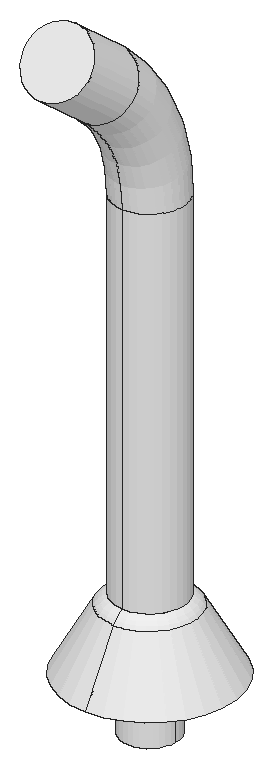
Revit family "Outlet-Bath-Caroma Elegance II-Wall1", category Plumbing Fixtures, host Face, Revit 2013
Parameters (values of type "Elegance II Bath Outlet Extended 225mm")
  Waste Connection = no
  Vent Connection = no
  URL = "http://www.caroma.com.au/"
  Type Comments = "Caroma Elegance II Bath Outlet Extended 225mm"
  Model = "631177C"
  Material_ANZRS = Metal-Chrome-Caroma
  Manufacturer = "GWA Bathrooms & Kitchens"  # constant formula
  Knee Length = if(Extended, 162 mm, 117 mm)  # 162 mm
  HWFU = 4  # constant formula
  HW Connection = yes
  Extended = yes
  Description = ""
  Default Elevation = 500 mm
  CreatedBy_ANZRS = "Design Content"  # constant formula
  CreatedByURL_ANZRS = "www.designcontent.com.au"
  Cost = 0
  Connector Radius = 10 mm
  CWFU = 4  # constant formula
  CW Connection = yes
  Assembly Code = "C1030210"
Types (3, lengths in mm): name | Type Comments | Model | Knee Length | Extended
  (no name) | "Caroma Elegance II Bath Outlet Extended 225mm" | "631177C" | 162 | yes
  Elegance II Bath Outlet 180mm | "Caroma Elegance II Bath Outlet 180mm" | "631176C" | 117 | no
  Elegance II Bath Outlet Extended 225mm | "Caroma Elegance II Bath Outlet Extended 225mm" | "631177C" | 162 | yes
Reference planes
  plane 1 "Center (Front/Back)": y = 0
  plane 2: z = 0
  plane 3 "Center (Left/Right)": x = 0
  plane 4 "Knee": z = 162
Forms (mm)
  Revolve 1, solid, material "Metal-Chrome-Caroma" <- "Material_ANZRS"
    sketch origin (0, 0, 0) x (0, 1, 0) y (0, 0, 1)
      loop
        line (0, 0) -> (30.288, 0) -> (16.854, 23.329)
        arc (16.854, 23.329) -> (15.077, 25.505) -> (12.7, 27) r 8.69
        line (12.7, 27) -> (12.7, 162) -> (0, 162) -> (0, 0)
      axis (0, 162) -> (0, 0)
    angle from 0 to 360
  Sweep 2, solid, material "Metal-Chrome-Caroma" <- "Material_ANZRS"
    path origin (0, 0, 0) x (0, 1, 0) y (0, 0, 1)
      loop
        line (-43.4, 225.337) -> (-22.824, 209.095)
        arc (-22.824, 209.095) -> (-6.007, 188.167) -> (0, 162) r 60
    profile origin (0, -6.007, 188.167) x (0, 0.899887, 0.436123) y (1, 0, 0)
      loop
        circle (0, 0) r 12.7
  Extrusion 3, solid, material "Metal-Chrome-Caroma" <- "Material_ANZRS"
    sketch origin (0, 0, 0) x (1, 0, 0) y (0, 1, 0)
      loop
        circle (0, 0) r 10
    from -20 to 0
Lines and regions (mm)
  Masking region 1
    outline origin (0, 0, 0) x (1, 0, 0) y (0, 1, 0)
      loop
        arc (12.7, -27.497) -> (0, 30.288) -> (-12.7, -27.497) r 30.288
        line (-12.7, -27.497) -> (-12.7, -43.4)
        spline (-12.7, -43.4) -> (-12.267, -45.437) -> (-10.999, -47.335) -> (-8.98, -48.964) -> (-6.35, -50.215) -> (-3.287, -51.001) -> (0, -51.269) -> (3.287, -51.001) -> (6.35, -50.215) -> (8.98, -48.964) -> (10.999, -47.335) -> (12.267, -45.437) -> (12.7, -43.4)
        line (12.7, -43.4) -> (12.7, -27.497)
  Masking region 2
    outline origin (0, 0, 0) x (0, 1, 0) y (0, 0, 1)
      loop
        arc (12.7, 161.941) -> (6.325, 191.731) -> (-11.683, 216.302) r 72.788
        line (-11.683, 216.302) -> (-35.531, 235.306) -> (-51.269, 215.369) -> (-28.114, 196.917)
        arc (-28.114, 196.917) -> (-16.724, 181.052) -> (-12.7, 161.941) r 47.388
        line (-12.7, 161.941) -> (-12.7, 27)
        arc (-12.7, 27) -> (-15.077, 25.505) -> (-16.854, 23.329) r 8.69
        line (-16.854, 23.329) -> (-30.288, 0) -> (30.288, 0) -> (16.854, 23.329)
        arc (16.854, 23.329) -> (15.077, 25.505) -> (12.7, 27) r 8.69
        line (12.7, 27) -> (12.7, 161.941)
  Masking region 3
    outline origin (0, 0, 0) x (1, 0, 0) y (0, 0, 1)
      loop
        spline (12.7, 225.337) -> (12.267, 227.917) -> (10.999, 230.322) -> (8.98, 232.386) -> (6.35, 233.97) -> (3.287, 234.966) -> (0, 235.306) -> (-3.287, 234.966) -> (-6.35, 233.97) -> (-8.98, 232.386) -> (-10.999, 230.322) -> (-12.267, 227.917) -> (-12.7, 225.337)
        line (-12.7, 225.337) -> (-12.7, 27)
        arc (-12.7, 27) -> (-15.077, 25.505) -> (-16.854, 23.329) r 8.69
        line (-16.854, 23.329) -> (-30.288, 0) -> (0, 0) -> (30.288, 0) -> (16.854, 23.329)
        arc (16.854, 23.329) -> (15.077, 25.505) -> (12.7, 27) r 8.69
        line (12.7, 27) -> (12.7, 225.337)
  symbolic lines
    curve 1: line (12.7, 0, 27) -> (-12.7, 0, 27)
    curve 2: spline (0, -35.531, 0) -> (-3.287, -35.8, 0) -> (-6.35, -36.586, 0) -> (-8.98, -37.836, 0) -> (-10.999, -39.466, 0) -> (-12.267, -41.364, 0) -> (-12.7, -43.4, 0) -> (-12.267, -45.437, 0) -> (-10.999, -47.335, 0) -> (-8.98, -48.964, 0) -> (-6.35, -50.215, 0) -> (-3.287, -51.001, 0) -> (0, -51.269, 0)
    curve 3: spline (0, -51.269, 0) -> (3.287, -51.001, 0) -> (6.35, -50.215, 0) -> (8.98, -48.964, 0) -> (10.999, -47.335, 0) -> (12.267, -45.437, 0) -> (12.7, -43.4, 0) -> (12.267, -41.364, 0) -> (10.999, -39.466, 0) -> (8.98, -37.836, 0) -> (6.35, -36.586, 0) -> (3.287, -35.8, 0) -> (0, -35.531, 0)
    curve 4: arc (12.7, 0, 0) -> (0, 12.7, 0) -> (-12.7, 0, 0) r 12.7
    curve 5: line (-12.7, 0, 0) -> (-12.7, -43.4, 0)
    curve 6: line (12.7, 0, 0) -> (12.7, -43.4, 0)
    curve 7: line (0, 12.7, 27) -> (0, -12.7, 27)
Dimensions and locks
  "Knee Length": plane 4 "Knee" to level
  locked: plane 4 "Knee" to Masking region 3 sketch curve at 73.306
  "Connector Radius": radius of Extrusion 3 sketch curve
  aligned and locked: plane 2 to host face
  aligned and locked: level to host face
Automatic sketch dimensions
  plane 1 "Center (Front/Back)" to curve 5 = 0 mm
  curve 2 to plane 3 "Center (Left/Right)" = 0 mm
  curve 4 to plane 3 "Center (Left/Right)" = 0 mm
  curve 5 to curve 4 = 12.7 mm
  plane 1 "Center (Front/Back)" to curve 3 = 51.269 mm
  curve 3 to curve 6 = 7.869 mm
  curve 2 to curve 3 = 7.869 mm
  curve 5 to curve 2 = 0 mm
  plane 1 "Center (Front/Back)" to curve 7 = 12.7 mm
  curve 7 to plane 1 "Center (Front/Back)" = 12.7 mm
  level to curve 7 = 27 mm
  curve 1 to plane 3 "Center (Left/Right)" = 12.7 mm
  plane 3 "Center (Left/Right)" to curve 1 = 12.7 mm
  level to curve 1 = 27 mm
  host sketch curve to host sketch curve = 2438.4 mm  (x2)
  Masking region 1 sketch curve to plane 3 "Center (Left/Right)" = 12.7 mm
  plane 1 "Center (Front/Back)" to Masking region 1 sketch curve = 43.4 mm
  plane 1 "Center (Front/Back)" to Masking region 1 sketch curve = 0 mm
  Masking region 1 sketch curve to plane 3 "Center (Left/Right)" = 0 mm  (x2)
  Masking region 1 sketch curve to Masking region 1 sketch curve = 15.903 mm
  Masking region 2 sketch curve to Masking region 2 sketch curve = 0 mm  (x4)
  Masking region 2 sketch curve to level = 0 mm
  plane 1 "Center (Front/Back)" to Masking region 2 sketch curve = 51.269 mm
  level to Masking region 2 sketch curve = 23.329 mm  (x2)
  Masking region 2 sketch curve to Masking region 2 sketch curve = 15.738 mm
  plane 1 "Center (Front/Back)" to Masking region 2 sketch curve = 30.288 mm
  plane 1 "Center (Front/Back)" to Masking region 2 sketch curve = 28.114 mm
  plane 1 "Center (Front/Back)" to Masking region 2 sketch curve = 16.854 mm
  Masking region 2 sketch curve to Masking region 2 sketch curve = 4.154 mm  (x2)
  plane 1 "Center (Front/Back)" to Masking region 2 sketch curve = 11.683 mm
  Masking region 2 sketch curve to plane 4 "Knee" = 0.059 mm
  Masking region 2 sketch curve to plane 1 "Center (Front/Back)" = 12.7 mm
  Masking region 2 sketch curve to Masking region 2 sketch curve = 13.434 mm
  Masking region 2 sketch curve to Masking region 2 sketch curve = 31.974 mm
  Masking region 2 sketch curve to Masking region 2 sketch curve = 3.377 mm  (x2)
  Masking region 2 sketch curve to Masking region 2 sketch curve = 3.671 mm  (x2)
  Masking region 2 sketch curve to Masking region 2 sketch curve = 18.452 mm
  Masking region 2 sketch curve to Masking region 2 sketch curve = 19.937 mm
  Masking region 3 sketch curve to level = 0 mm
  Masking region 3 sketch curve to plane 3 "Center (Left/Right)" = 0 mm  (x2)
  level to Masking region 3 sketch curve = 23.329 mm  (x2)
  Masking region 3 sketch curve to Masking region 3 sketch curve = 12.7 mm
  Masking region 3 sketch curve to Masking region 3 sketch curve = 4.154 mm  (x2)
  Masking region 3 sketch curve to Masking region 3 sketch curve = 13.434 mm  (x2)
  Masking region 3 sketch curve to Masking region 3 sketch curve = 7.531 mm
  Masking region 3 sketch curve to Masking region 3 sketch curve = 3.377 mm
  Masking region 3 sketch curve to Masking region 3 sketch curve = 3.671 mm  (x2)
  plane 4 "Knee" to Masking region 3 sketch curve = 63.337 mm
  Revolve 1 sketch curve to level = 0 mm
  Revolve 1 sketch curve to plane 1 "Center (Front/Back)" = 0 mm  (x2)
  Revolve 1 sketch curve to plane 4 "Knee" = 0 mm
  level to Revolve 1 sketch curve = 23.329 mm
  Revolve 1 sketch curve to Revolve 1 sketch curve = 12.7 mm
  Revolve 1 sketch curve to Revolve 1 sketch curve = 4.154 mm
  Revolve 1 sketch curve to Revolve 1 sketch curve = 13.434 mm
  Revolve 1 sketch curve to Revolve 1 sketch curve = 3.377 mm
  Revolve 1 sketch curve to Revolve 1 sketch curve = 3.671 mm
  Revolve 1 sketch curve to level = 14.006 mm
  Revolve 1 sketch curve to Revolve 1 sketch curve = 6.659 mm
  plane 1 "Center (Front/Back)" to Sweep 2 sketch curve = 22.824 mm
  plane 4 "Knee" to Sweep 2 sketch curve = 47.095 mm
  Sweep 2 sketch curve to plane 4 "Knee" = 0 mm
  Sweep 2 sketch curve to plane 1 "Center (Front/Back)" = 0 mm
  Sweep 2 sketch curve to Sweep 2 sketch curve = 20.576 mm
  Sweep 2 sketch curve to Sweep 2 sketch curve = 16.242 mm
  Sweep 2 sketch curve to plane 3 "Center (Left/Right)" = 0 mm
  Sweep 2 sketch curve to profile plane = 0 mm
  plane 1 "Center (Front/Back)" to Extrusion 3 sketch curve = 0 mm
  Extrusion 3 sketch curve to plane 3 "Center (Left/Right)" = 0 mm
  radius of Sweep 2 sketch curve = 12.7 mm
Connectors
  piping at (0, 0, -20), driven by "HWFU", driven by "Connector Radius"
    settings: on Extrusion 3, index 1, connector radius 0.3937", flow factor 0, pipe flow 0 GPM, pressure drop 0.00 psi, fitting loss kfactor 0, connector angle 0.00°, fixture units 4, engagement length 0 mm, flow configuration 3, flow direction 1, fitting loss method 1, system type 19, joint type 0, gender type 0, connector reference index -1, connector utility 0, adjustable connector no, is connector primary yes, fitting loss table "Outlet", connector description ""
